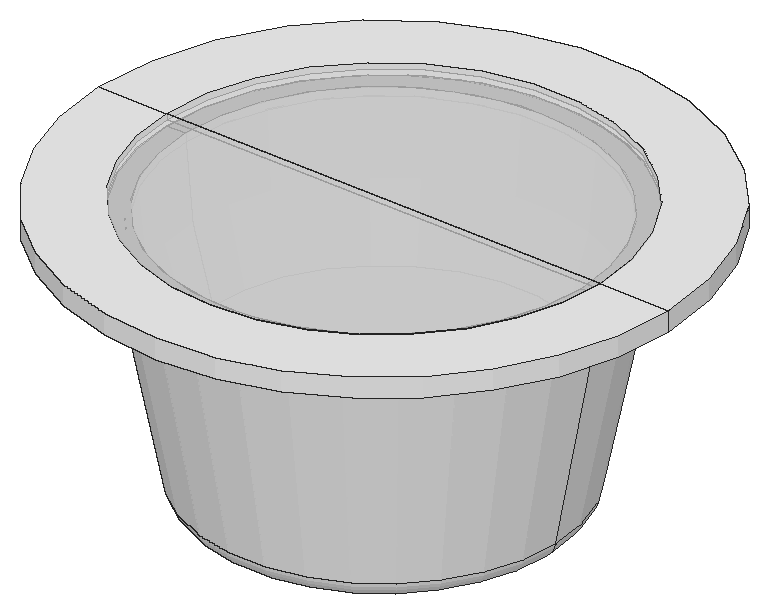
Revit family "2060570+2028036 Sylvania Lighting Fixture ASCENT 100 II ARCH 3600 3K STD 160 with IP44 Frost Glass", category Lighting Fixtures, host Face, Revit 2016
Family settings
  Host = Face
  Part Type = Normal
  Round Connector Dimension = Use Diameter
  OmniClass Number = 23.80.70.11.17
  OmniClass Title = Specialized Lighting by Location or Use
  Cut with Voids When Loaded = No
  Light Source = Yes
  Shared = No
  Room Calculation Point = No
Parameters (values of type "2060570+2028036 ASCT100 II ARCH 3600 3K STD 160 with IP44 Frost Glass")
  WidthBezelAcc_SYL = 25.0 mm
  Weight = "1.2 kg"
  Wattage = 30 W
  WarrantyStartDate [instance] = "n/a"
  WarrantyGuarantorParts = "n/a"
  WarrantyDurationUnit = "n/a"
  WarrantyDurationParts = "n/a"
  WarrantyDescription = "n/a"
  built-in parameter 1150110 = 1 (stored number, unit not read)
  Voltage = 0 V
  VisibilityAccessory_SYL = yes
  TypeName = "ASCENT 100 II ARCH 3600 3K STD 160 with IP44 Frost Glass"
  built-in parameter 1114217 = 1 (stored number, unit not read)
  Tilt Angle = -90°
  built-in parameter 1150109 = 1 (stored number, unit not read)
  built-in parameter 1150134 = (empty or 0)
  built-in parameter 1150113 = 1 (stored number, unit not read)
  SerialNumber [instance] = "n/a"
  ReflectorRadius_SYL = Radius_SYL - 14.5 mm  # 80.0 mm
  RadiusAcc_SYL = 105.0 mm
  Radius_SYL = 94.5 mm
  URL = "http://www.sylvania-lighting.com"
  PowerFactor = 0
  PowerConsumption = "30 W"
  Photometric Web File = "2060570.ies"
  NominalWidth = 0.0 mm
  NominalLength = 0.0 mm
  NominalHeight = 94.0 mm
  Name = "ASCENT 100 II ARCH 3600 3K STD 160 with IP44 Frost Glass"
  ModelReference = "ASCENT 100 II ARCH 3600 3K STD 160 with IP44 Frost Glass"
  ModelNumber = "2060570+2028036"
  Material_4_SYL = none
  Material_3_SYL = Polycarbonate_Sylvania_Ascent_Opal
  Material_2_SYL = Aluminium_Sylvania_Ascent_Silver
  Material_1_SYL = Aluminum_Sylvania_Ascent_White
  Material = "aluminium housing, arcylic diffuser"
  ManufacturerName = "Feilo Sylvania"
  LuminousEfficacy = "118 lm/W"
  built-in parameter 1150105 = 281.7 (stored number, unit not read)
  Lumens = 3540 lm
  LuminaireType = ""
  built-in parameter 1150115 = 1 (stored number, unit not read)
  LightOutputRatio = "100"
  built-in parameter 1150137 = (empty or 0)
  built-in parameter 1150139 = (empty or 0)
  LampsType = Lamp  # "LED"
  LampNominalLuminous = "3548 lm"
  LampMacAdamStep = "3"
  LampColourTemperature = "3000 K"
  LampColourRenderingIndex = "80"
  built-in parameter 1150112 = 1 (stored number, unit not read)
  built-in parameter 1150114 = 1 (stored number, unit not read)
  Keynote = "16500"
  InstallationDate [instance] = "n/a"
  InputVoltage = "n/a"
  InputNominalFrequency = "n/a"
  built-in parameter 1150132 = (empty or 0)
  built-in parameter 1150102 = (empty or 0)
  built-in parameter 1150107 = 3000 (stored number, unit not read)
  built-in parameter 1150138 = (empty or 0)
  IngressProtection = "IP44"
  ImpactProtectionIndex = "IK02"
  built-in parameter 1150106 = 2.817 (stored number, unit not read)
  IfcExportType = "IfcLightFixtureType"
  IfcExportAs = "IfcLightFixtureType"
  Height_SYL = 94.0 mm
  HeightAcc_SYL = 7.0 mm
  ExpectedLife = 50000
  EmittionSurface_SYL = if(VisibilityAccessory_SYL, 7.0 mm, 3.0 mm)  # 7.0 mm
  Emit from Circle Diameter = DiffuserRadius_SYL * 2  # 146.0 mm
  Emit Shape Visible in Rendering = no
  ElectricShockClassification = "Class II"
  built-in parameter 1150104 = 10.963 (stored number, unit not read)
  DurationUnit = "hours"
  DocumentationLiterature = "http://www.sylvania-lighting.com/product/en-int/products/2060570"
  DimmingControlOptions = "n/a"
  Dimming Lamp Color Temperature Shift = <None>
  DiffuserRadius_SYL = ReflectorRadius_SYL - 7.0 mm  # 73.0 mm
  Diameter_SYL = 2 * Radius_SYL  # 189.0 mm
  CutoutDiameter_SYL = Diameter_SYL - 13.0 mm  # 176.0 mm
  CreatedOn = "9/17/2018"
  CreatedBy = "@sylvania-lighting.com"
  Color Filter = 16777215
  built-in parameter 1114216 [instance] = 1 (stored number, unit not read)
  Model = "ASCENT 100 II ARCH 3600 3K STD 160 with IP44 Frost Glass"
  Manufacturer = "Feilo Sylvania"
  Lamp = "LED"
  Description = "Direct LED retro fit for original LED 100 Arch (160) single CFL lamp offering Matching lumen levels and improved light distribution of original LED 100 CFL lamp equivalents Typically half the power consumption compared to CFL Up to 112lm/W 160mm aperture Architectural reflector accepts range of glass accessories from existing LED 100 Arch 160 offering HE, HO and VHO versions equivalent of single 1 x 18W, 1 x 32W, 1 x 42W\r\n Additional VVHO versions which offer the performance circa 2 x 32W equivalent"  # constant formula
  Default Elevation = 0.0 mm
  built-in parameter 1140040 [instance] = 1
  BarCode [instance] = "n/a"
  built-in parameter 1114218 = 1 (stored number, unit not read)
  built-in parameter 1150133 = 10 (stored number, unit not read)
  AssetType = "Fixed"
  AssetIdentifier [instance] = "n/a"
  Assembly Code = "D5020200"
  Apparent Load = 30 VA
  Aperture_SYL = 2 * ReflectorRadius_SYL  # 160.0 mm
Reference planes
  plane 1 "Center (Front/Back)": y = 0
  plane 2: z = 0
  plane 3 "Center (Left/Right)": x = 0
  plane 4 "Fixture Bottom": z = 3
  plane 5: z = -52.5
  plane 6 "Fixture Top": z = -91
  plane 7: x = -105
  plane 8: z = 7
  plane 9: x = -80
  plane 10: z = 5
  plane 11: x = -103
Forms (mm)
  Extrusion 1, solid, material "Aluminum_Sylvania_Ascent_White", detail levels fine
    sketch origin (0, 0, 0) x (1, 0, 0) y (0, 1, 0)
      loop
        circle (0, 0) r 94.5
      loop
        circle (0, 0) r 80
    from 0 to 3
  Extrusion 2, void
    sketch origin (0, 0, 0) x (1, 0, 0) y (0, 1, 0)
      loop
        circle (0, 0) r 88
    from -91 to 3
  Revolve 3, solid, material "Aluminum_Sylvania_Ascent_White" <- "Material_1_SYL", detail levels fine
    sketch origin (0, 0, 0) x (1, 0, 0) y (0, 0, 1)
      loop
        line (0, -91.073) -> (0, -89.023) -> (-55.468, -89.014)
        arc (-55.468, -89.014) -> (-59.352, -87.613) -> (-61.54, -84.139) r 6.307
        line (-61.54, -84.139) -> (-77.991, -2.844) -> (-77.991, 0) -> (-80, 0) -> (-80, -3) -> (-63.5, -84.536)
        arc (-63.5, -84.536) -> (-60.643, -89.203) -> (-55.5, -91.073) r 8.291
        line (-55.5, -91.073) -> (0, -91.073)
      axis (0, 0) -> (0, -91.073)
    angle from 0 to 360
  Revolve 4, solid, material "Aluminium_Sylvania_Ascent_Silver" <- "Material_2_SYL", detail levels fine
    sketch origin (0, 0, 0) x (1, 0, 0) y (0, 0, 1)
      loop
        line (-80, 3) -> (-80, 0) -> (-75, 0)
        arc (-75, 0) -> (-72.349, -26.77) -> (-64.5, -52.5) r 136.5
        line (-64.5, -52.5) -> (-58, -52.5)
        arc (-58, -52.5) -> (-56.857, -61.521) -> (-53.5, -69.971) r 36.166
        line (-53.5, -69.971) -> (0, -69.971) -> (0, -50.5) -> (-63.16, -50.5)
        arc (-63.16, -50.5) -> (-70.517, -25.725) -> (-73, 0) r 134.5
        line (-73, 0) -> (-73, 3) -> (-80, 3)
      axis (0, 3) -> (0, -69.971)
    angle from 0 to 360
  Extrusion 5, solid, material "Polycarbonate_Sylvania_Ascent_Opal" <- "Material_3_SYL", detail levels fine
    sketch origin (0, 0, 0) x (1, 0, 0) y (0, 1, 0)
      loop
        circle (0, 0) r 73
    from 0 to 3
  Revolve 6, solid, material "Aluminum_Sylvania_Ascent_White" <- "Material_1_SYL", detail levels coarse+medium
    sketch origin (0, 0, 0) x (1, 0, 0) y (0, 0, 1)
      loop
        line (0, -91.073) -> (0, 3) -> (-94.5, 3) -> (-94.5, 0) -> (-79.5, 0) -> (-79.5, -3) -> (-63, -84.536)
        arc (-63, -84.536) -> (-60.143, -89.203) -> (-55, -91.073) r 8.291
        line (-55, -91.073) -> (0, -91.073)
      axis (0, 3) -> (0, -91.073)
    angle from 0 to 360
  Revolve 7, solid, material "Aluminum_Sylvania_Ascent_White" <- "Material_1_SYL", visible <- "VisibilityAccessory_SYL"
    sketch origin (0, 0, 0) x (1, 0, 0) y (0, 0, 1)
      loop
        line (-105, 0) -> (-103, 0) -> (-103, 5) -> (-80, 5) -> (-80, 7) -> (-105, 7) -> (-105, 0)
      axis (0, 7) -> (0, 0)
    angle from 0 to 360
  Revolve 8, solid, material "Polycarbonate_Sylvania_Ascent_Opal" <- "Material_3_SYL", visible <- "VisibilityAccessory_SYL"
    sketch origin (0, 0, 0) x (1, 0, 0) y (0, 0, 1)
      loop
        line (-80, 7) -> (-80, 5) -> (0, 5) -> (0, 7) -> (-80, 7)
      axis (0, 7) -> (0, 5)
    angle from 0 to 360
Lines and regions (mm)
  reference lines
    curve 1: line (-150, 0, 7) -> (125, 0, 7)
Dimensions and locks
  locked: plane 4 "Fixture Bottom" to plane 2 at 3
  "Height_SYL": plane 4 "Fixture Bottom" to plane 6 "Fixture Top"
  "ReflectorRadius_SYL": plane 3 "Center (Left/Right)" to Revolve 4 sketch curve
  locked: Revolve 4 sketch curve to Revolve 4 sketch curve at 15.5
  locked: Revolve 4 sketch curve to Revolve 4 sketch curve at 5
  locked: Revolve 4 sketch curve to Revolve 4 sketch curve at 7
  locked: Revolve 4 sketch curve to Revolve 4 sketch curve at 22
  locked: Revolve 4 sketch curve to Revolve 4 sketch curve at 26.5
  locked: Revolve 3 sketch curve to Revolve 3 sketch curve at 16.5
  locked: Revolve 3 sketch curve to Revolve 3 sketch curve at 24.5
  "ReflectorRadius_SYL": Revolve 3 sketch curve to plane 3 "Center (Left/Right)"
  locked: Revolve 3 sketch curve to plane 6 "Fixture Top" at 6.464
  locked: plane 2 to Revolve 3 sketch curve at 3
  locked: Revolve 3 sketch curve to Revolve 3 sketch curve at 2
  locked: Revolve 3 sketch curve to Revolve 3 sketch curve at 2.009
  locked: plane 2 to plane 5 at 52.5
  locked: Revolve 6 sketch curve to Revolve 6 sketch curve at 31.5
  locked: Revolve 6 sketch curve to Revolve 6 sketch curve at 39.5
  locked: Revolve 6 sketch curve to Revolve 6 sketch curve at 15
  "Radius_SYL": plane 3 "Center (Left/Right)" to Revolve 6 sketch curve
  "RadiusAcc_SYL": plane 3 "Center (Left/Right)" to plane 7
  "HeightAcc_SYL": plane 8 to level
  "WidthBezelAcc_SYL": plane 7 to plane 9
  locked: plane 7 to plane 11 at 2
  locked: plane 8 to plane 10 at 2
  "EmittionSurface_SYL": curve 1 to level
  "CutoutDiameter_SYL": diameter of Extrusion 2 sketch curve
  "ReflectorRadius_SYL": radius of Extrusion 1 sketch curve
  "DiffuserRadius_SYL": radius of Extrusion 5 sketch curve
  "Radius_SYL": radius of Extrusion 1 sketch curve
  aligned and locked: host face to plane 2
  aligned and locked: host face to level
  aligned and locked: plane 4 "Fixture Bottom" to Extrusion 1
  aligned and locked: Extrusion 1 to plane 2
  aligned and locked: Revolve 3 sketch curve to plane 3 "Center (Left/Right)"
  aligned and locked: Revolve 4 sketch curve to plane 3 "Center (Left/Right)"  (x2)
  aligned and locked: plane 4 "Fixture Bottom" to Revolve 4 sketch curve
  aligned and locked: Extrusion 5 to plane 2
  aligned and locked: plane 2 to Revolve 3 sketch curve  (x2)
  aligned and locked: Revolve 6 sketch curve to plane 3 "Center (Left/Right)"
  aligned and locked: plane 6 "Fixture Top" to Extrusion 2
  aligned and locked: Revolve 7 sketch curve to plane 3 "Center (Left/Right)"
  aligned and locked: host face to Revolve 7 sketch curve  (x2)
  aligned and locked: Revolve 7 sketch curve to plane 7
  aligned and locked: plane 8 to Revolve 7 sketch curve
  aligned and locked: plane 9 to Revolve 7 sketch curve
  aligned and locked: Revolve 7 sketch curve to plane 10
  aligned and locked: plane 11 to Revolve 7 sketch curve
  aligned and locked: Revolve 7 to Revolve 8 sketch curve
  aligned and locked: Revolve 8 sketch curve to Revolve 7  (x2)
  aligned and locked: Revolve 8 sketch curve to plane 3 "Center (Left/Right)"  (x2)
  aligned and locked: plane 3 "Center (Left/Right)" to imposter light
  aligned and locked: imposter light to plane 1 "Center (Front/Back)"
  aligned and locked: imposter light to curve 1
Automatic sketch dimensions
  plane 1 "Center (Front/Back)" to Extrusion 2 sketch curve = 0.0 mm
  Extrusion 2 sketch curve to plane 3 "Center (Left/Right)" = 0.0 mm
  Extrusion 1 sketch curve to Extrusion 1 sketch curve = 0.0 mm  (x2)
  plane 1 "Center (Front/Back)" to Extrusion 1 sketch curve = 0.0 mm
  Extrusion 1 sketch curve to plane 3 "Center (Left/Right)" = 0.0 mm
  plane 6 "Fixture Top" to Revolve 3 sketch curve = 0.073 mm
  Revolve 3 sketch curve to plane 6 "Fixture Top" = 6.861 mm
  Revolve 3 sketch curve to Revolve 3 sketch curve = 0.003 mm
  Revolve 3 sketch curve to Revolve 3 sketch curve = 0.009 mm  (x2)
  Revolve 3 sketch curve to Revolve 3 sketch curve = 0.023 mm
  Revolve 3 sketch curve to Revolve 3 sketch curve = 0.072 mm
  Revolve 3 sketch curve to Revolve 3 sketch curve = 0.008 mm
  Revolve 3 sketch curve to plane 6 "Fixture Top" = 1.977 mm
  Revolve 3 sketch curve to Revolve 3 sketch curve = 33.496 mm
  Revolve 3 sketch curve to Revolve 3 sketch curve = 0.028 mm
  plane 4 "Fixture Bottom" to Revolve 3 sketch curve = 82.431 mm
  Revolve 4 sketch curve to Revolve 4 sketch curve = 0.0 mm  (x2)
  Revolve 4 sketch curve to plane 5 = 0.0 mm
  Revolve 4 sketch curve to level = 0.0 mm
  plane 5 to Revolve 4 sketch curve = 2.0 mm
  plane 4 "Fixture Bottom" to Revolve 4 sketch curve = 9.642 mm
  plane 1 "Center (Front/Back)" to Extrusion 5 sketch curve = 0.0 mm
  Extrusion 5 sketch curve to plane 3 "Center (Left/Right)" = 0.0 mm
  Revolve 4 sketch curve to level = 69.971 mm
  Revolve 4 sketch curve to Revolve 4 sketch curve = 2.387 mm
  Revolve 6 sketch curve to level = 0.0 mm
  Revolve 6 sketch curve to plane 3 "Center (Left/Right)" = 0.0 mm
  Revolve 6 sketch curve to Revolve 6 sketch curve = 8.104 mm
  Revolve 6 sketch curve to level = 3.0 mm
  Revolve 6 sketch curve to plane 6 "Fixture Top" = 6.464 mm
  plane 6 "Fixture Top" to Revolve 6 sketch curve = 0.073 mm
  Revolve 6 sketch curve to Revolve 6 sketch curve = 33.496 mm
  plane 4 "Fixture Bottom" to Revolve 6 sketch curve = 82.431 mm
  host sketch curve to host sketch curve = 1704.996 mm
  host sketch curve to host sketch curve = 1500.0 mm
  plane 6 "Fixture Top" to Revolve 7 sketch curve = 281.274 mm
  Revolve 7 sketch curve to plane 8 = 1140.706 mm
  plane 6 "Fixture Top" to Revolve 8 sketch curve = 281.274 mm
  Revolve 8 sketch curve to Revolve 8 sketch curve = 1140.706 mm
  Revolve 3 sketch curve to plane 3 "Center (Left/Right)" = 0.0 mm
  Revolve 6 sketch curve to plane 4 "Fixture Bottom" = 0.0 mm
  plane 7 to curve 1 = 45.0 mm
  plane 3 "Center (Left/Right)" to curve 1 = 125.0 mm
Connectors
  electrical at (0, 0, -91.073), driven by "Apparent Load"
    settings: on Revolve 3, index 1, voltage 240 V, apparent load 0 VA, apparent load phase1 30 VA, apparent load phase2 0 VA, apparent load phase3 0 VA, power factor 1, load classification "Lighting", number of poles 1, system type 31, power factor state 1, is connector primary yes, connector utility no, sub classification motor no, connector description ""
